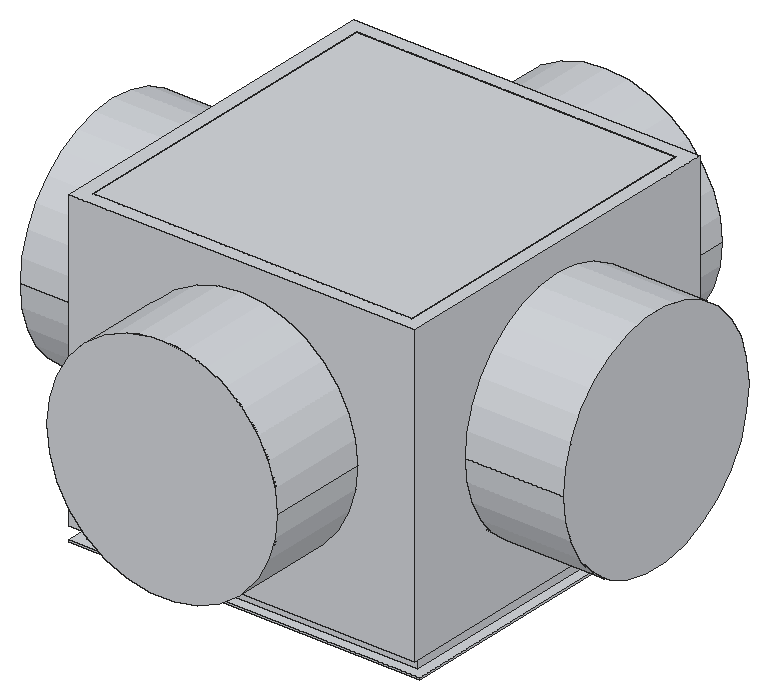
Revit family "DC_Holyoake_MEQ_EC-125 With Plenum_12", category Air Terminals, host Ceiling, Revit 2013
Parameters (values of type "EC-125 350 X 350 / OBD")
  West Spigot = yes
  Type Comments = " Egg Crate Return Air Grille with Plenum "  # constant formula
  Static Pressure Min = "3 Pa"
  Static Pressure Max = "80 Pa"
  Spigot Rad = 175 mm
  Specified Pressure Drop [instance] = 0.0 Pa
  Specified Air Flow [instance] = 0.0 L/s
  South Spigot = yes
  North Spigot = yes
  Noise Level NC Min = "< 10 NC"
  Noise Level NC Max = "60 NC"
  Min Flow = 20.0 L/s
  Max Flow = 4000.0 L/s
  Material Face = Holyoake White
  Material Body = Holyoake White
  Holyoake Product Range = "Holyoake Return Air Grille "  # constant formula
  Nominated Air Flow = 0.0 L/s
  East Spigot = yes
  CHPR = CHPR : Spigot Size 350
  Actual Neck Size Width = Nom Neck Width - 17 mm  # 483 mm
  Actual Neck Size Height = Nom Neck Width - 17 mm  # 483 mm
  Face Size Width = Nom Neck Width + 31 mm  # 531 mm
  Face Size Height = Nom Neck Height + 31 mm  # 531 mm
  Nom Neck Width = 500 mm
  URL = "http://www.holyoake.com"
  Model = "EC-125/OBD"
  Manufacturer = "Holyoake"  # constant formula
  Nom Neck Height = 500 mm
  Description = "Eggcrate Return/ Exhuast Air Grilles shall be Holyoake Model EC125 of aluminium construction. The Eggcrate Core shall be 12.5mm x 12.5mm x 12.5mm and fitted in an extruded aluminium Flanged Frame. Eggcrate  Grilles shall be finished in powdercoat and fitted with accessories and dampers where indicated as manufactured by Holyoake."  # constant formula
  Actual Face Size Width = Face Size Width  # 531 mm
  Actual Face Size Height = Face Size Height  # 531 mm
Types (14, lengths in mm): name | West Spigot | Spigot Rad | South Spigot | East Spigot | CHPR | Actual Neck Size Width | Actual Neck Size Height | Face Size Width | Face Size Height | Nom Neck Width | Model | Nom Neck Height | Actual Face Size Width | Actual Face Size Height
  EC-125 450 X 450 | yes | 225 | yes | yes | CHPR : Spigot Size 450 | 533 | 533 | 581 | 581 | 550 | "EC-125" | 550 | 581 | 581
  EC-125 400 X 400 | yes | 200 | yes | yes | CHPR : Spigot Size 400 | 483 | 483 | 531 | 531 | 500 | "EC-125" | 500 | 531 | 531
  EC-125 350 X 350 | yes | 175 | yes | yes | CHPR : Spigot Size 350 | 483 | 483 | 531 | 531 | 500 | "EC-125" | 500 | 531 | 531
  EC-125 300 X 300 | yes | 150 | yes | yes | CHPR : Spigot Size 300 | 533 | 533 | 581 | 581 | 550 | "EC-125" | 550 | 581 | 581
  EC-125 300 X 300 / OBD | yes | 150 | yes | yes | CHPR : Spigot Size 300 | 533 | 533 | 581 | 581 | 550 | "EC-125/OBD" | 550 | 581 | 581
  EC-125 350 X 350 / OBD | yes | 175 | yes | yes | CHPR : Spigot Size 350 | 483 | 483 | 531 | 531 | 500 | "EC-125/OBD" | 500 | 531 | 531
  EC-125 400 X 400 / OBD | yes | 200 | yes | yes | CHPR : Spigot Size 400 | 483 | 483 | 531 | 531 | 500 | "EC-125/OBD" | 500 | 531 | 531
  EC-125 450 X 450 / OBD | no | 225 | no | no | CHPR : Spigot Size 450 | 533 | 533 | 581 | 581 | 550 | "EC-125/OBD" | 550 | 581 | 581
  EC-125 150 x 150 | yes | 150 | yes | yes | CHPR : Spigot Size 150 | 533 | 533 | 581 | 581 | 550 | "EC-125" | 550 | 581 | 581
  EC-125 200 X 200 | yes | 100 | yes | yes | CHPR : Spigot Size 200 | 533 | 533 | 581 | 581 | 550 | "EC-125" | 550 | 581 | 581
  EC-125 250 X 250 | yes | 150 | yes | yes | CHPR : Spigot Size 250 | 533 | 533 | 581 | 581 | 550 | "EC-125" | 550 | 581 | 581
  EC-125 150 X 150 / OBD | yes | 150 | yes | yes | CHPR : Spigot Size 150 | 133 | 133 | 181 | 181 | 150 | "EC-125/OBD" | 150 | 181 | 181
  EC-125 200 X 200 / OBD | yes | 150 | yes | yes | CHPR : Spigot Size 200 | 533 | 533 | 581 | 581 | 550 | "EC-125 / OBD" | 550 | 581 | 581
  EC-125 250 X 250 / OBD | yes | 150 | yes | yes | CHPR : Spigot Size 250 | 533 | 533 | 581 | 581 | 550 | "EC-125/OBD" | 550 | 581 | 581
Reference planes
  plane 1 "Center (Front/Back)": y = 0
  plane 2: z = 0
  plane 3 "Center (Left/Right)": x = 0
  plane 4 "Ceiling": z = 4000
  plane 5: x = -250
  plane 6: x = 250
  plane 7: y = -250
  plane 8: y = 250
  plane 9: x = -265.5
  plane 10: x = 265.5
  plane 11: y = 265.5
  plane 12: y = -265.5
  plane 13: y = -241.5
  plane 14: y = 241.5
  plane 15: x = -241.5
  plane 16: x = 241.5
  plane 17: z = 3997
  plane 18: z = 4022
  plane 19: z = 4009.5
Forms (mm)
  Extrusion 1, solid
    sketch origin (0, 0, 0) x (1, 0, 0) y (0, 1, 0)
      loop
        line (-265.5, 265.5) -> (-265.5, -265.5) -> (265.5, -265.5) -> (265.5, 265.5) -> (-265.5, 265.5)
      loop
        line (-241.5, 241.5) -> (-241.5, -241.5) -> (241.5, -241.5) -> (241.5, 241.5) -> (-241.5, 241.5)
    from 3997 to 4000
  Extrusion 2, solid
    sketch origin (0, 0, 4000) x (0, 1, 0) y (-1, 0, 0)
      loop
        line (250, 250) -> (-250, 250) -> (-250, -250) -> (250, -250) -> (250, 250)
      loop
        line (241.5, 241.5) -> (-241.5, 241.5) -> (-241.5, -241.5) -> (241.5, -241.5) -> (241.5, 241.5)
    from 0 to 22
  Extrusion 3, solid, material "Holy Oak - Aluminium core"
    sketch origin (0, 0, 4000) x (0, 1, 0) y (-1, 0, 0)
      loop
        line (241.5, 241.5) -> (-241.5, 241.5) -> (-241.5, -241.5) -> (241.5, -241.5) -> (241.5, 241.5)
    from -3 to 9.5
Lines and regions (mm)
  Opening 1
    outline origin (0, 0, 4000) x (1, 0, 0) y (0, 1, 0)
      loop
        line (-250, 250) -> (-250, -250) -> (250, -250) -> (250, 250) -> (-250, 250)
Dimensions and locks
  equal spacing: host sketch curve, plane 3 "Center (Left/Right)", host sketch curve
  equal spacing: host sketch curve, plane 1 "Center (Front/Back)", host sketch curve
  host sketch curve to host sketch curve = 4000 mm  (x2)
  locked: plane 4 "Ceiling" to host ceiling at 0
  equal spacing: plane 5, plane 3 "Center (Left/Right)", plane 6
  "Nom Neck Height": plane 5 to plane 6
  equal spacing: plane 8, plane 1 "Center (Front/Back)", plane 7
  "Nom Neck Width": plane 8 to plane 7
  equal spacing: plane 12, plane 1 "Center (Front/Back)", plane 11
  "Face Size Width": plane 12 to plane 11
  equal spacing: plane 9, plane 3 "Center (Left/Right)", plane 10
  "Face Size Height": plane 9 to plane 10
  equal spacing: plane 13, plane 1 "Center (Front/Back)", plane 14
  "Actual Neck Size Width": plane 13 to plane 14
  equal spacing: plane 15, plane 3 "Center (Left/Right)", plane 16
  "Actual Neck Size Height": plane 15 to plane 16
  locked: plane 4 "Ceiling" to plane 18 at 22
  locked: plane 17 to plane 4 "Ceiling" at 3
  locked: plane 17 to plane 19 at 12.5
  plane 2 to plane 4 "Ceiling" = 4000 mm
  equal spacing: nested 1, plane 3 "Center (Left/Right)", nested 1
  nested 1 to plane 1 "Center (Front/Back)" to nested 1 = 270 mm, 270 mm
  aligned and locked: plane 5 to Opening 1 sketch curve
  aligned and locked: Opening 1 sketch curve to plane 8
  aligned and locked: plane 7 to Opening 1 sketch curve
  aligned and locked: Opening 1 sketch curve to plane 6
  aligned and locked: plane 9 to Extrusion 1 sketch curve
  aligned and locked: plane 11 to Extrusion 1 sketch curve
  aligned and locked: plane 12 to Extrusion 1 sketch curve
  aligned and locked: plane 10 to Extrusion 1 sketch curve
  aligned and locked: plane 15 to Extrusion 1 sketch curve
  aligned and locked: plane 14 to Extrusion 1 sketch curve
  aligned and locked: plane 13 to Extrusion 1 sketch curve
  aligned and locked: Extrusion 1 sketch curve to plane 16
  aligned and locked: Extrusion 1 to plane 17
  aligned and locked: Extrusion 1 to plane 4 "Ceiling"
  aligned and locked: plane 5 to Extrusion 2 sketch curve
  aligned and locked: plane 8 to Extrusion 2 sketch curve
  aligned and locked: plane 7 to Extrusion 2 sketch curve
  aligned and locked: plane 6 to Extrusion 2 sketch curve
  aligned and locked: plane 15 to Extrusion 2 sketch curve
  aligned and locked: Extrusion 2 sketch curve to plane 14
  aligned and locked: plane 13 to Extrusion 2 sketch curve
  aligned and locked: plane 16 to Extrusion 2 sketch curve
  aligned and locked: plane 4 "Ceiling" to Extrusion 2
  aligned and locked: plane 18 to Extrusion 2
  aligned and locked: Extrusion 3 sketch curve to Extrusion 1  (x3)
  aligned and locked: Extrusion 1 to Extrusion 3 sketch curve
  aligned and locked: Extrusion 3 to plane 17
  aligned and locked: plane 19 to Extrusion 3
  aligned and locked: nested 1 to Extrusion 2
Nested families
  nested 1: "CHPR" at (0, 0, 4022), West Spigot <- "West Spigot", South Spigot <- "South Spigot", North Spigot <- "North Spigot", East Spigot <- "East Spigot", type "Spigot Size 350"
    with West Spigot yes, South Spigot yes, North Spigot yes, East Spigot yes
Connectors
  hvac at (0, 420, 4257), driven by "Spigot Rad", driven by "Specified Air Flow", driven by "Specified Pressure Drop"
    settings: on nested 1, index 1, duct flow 0.0 L/s, flow factor 0, pres drop 0.0 Pa, loss coef 0, conn angle 0.00°, conn width 300 mm, conn height 300 mm, conn radius 175 mm, duct sys type 2, conn prof type 0, flow config 1, flow direction 1, loss method 4, conn ref index -1, conn util no, is conn primary yes, conn desc ""
  hvac at (411.5, 0, 4257), driven by "Spigot Rad", driven by "Specified Air Flow", driven by "Specified Pressure Drop"
    settings: on nested 1, index 2, duct flow 0.0 L/s, flow factor 0, pres drop 0.0 Pa, loss coef 0, conn angle 0.00°, conn width 300 mm, conn height 300 mm, conn radius 175 mm, duct sys type 2, conn prof type 0, flow config 1, flow direction 1, loss method 4, conn ref index -1, conn util no, is conn primary no, conn desc ""
  hvac at (0, -420, 4257), driven by "Spigot Rad", driven by "Specified Air Flow", driven by "Specified Pressure Drop"
    settings: on nested 1, index 3, duct flow 0.0 L/s, flow factor 0, pres drop 0.0 Pa, loss coef 0, conn angle 0.00°, conn width 300 mm, conn height 300 mm, conn radius 175 mm, duct sys type 2, conn prof type 0, flow config 1, flow direction 1, loss method 4, conn ref index -1, conn util no, is conn primary no, conn desc ""
  hvac at (-411.5, 0, 4257), driven by "Spigot Rad", driven by "Specified Air Flow", driven by "Specified Pressure Drop"
    settings: on nested 1, index 4, duct flow 0.0 L/s, flow factor 0, pres drop 0.0 Pa, loss coef 0, conn angle 0.00°, conn width 300 mm, conn height 300 mm, conn radius 175 mm, duct sys type 2, conn prof type 0, flow config 1, flow direction 1, loss method 4, conn ref index -1, conn util no, is conn primary no, conn desc ""
Definition of nested family "CHPR"
  Parameters (values of type "Spigot Size 200")
    West Spigot [instance] = yes
    URL = "http://www.holyoake.com/"
    Type Comments = "Premi-Aire Pre-Insulated Plenum"  # constant formula
    Spigot Rad = 100 mm
    Spigot Length = 170 mm
    South Spigot [instance] = yes
    North Spigot [instance] = yes
    Nom Neck Width = 1200 mm
    Nom Neck Height = 600 mm
    MIN Nominal Neck Size Width = MIN Nominal Neck Size Height  # 300 mm
    MIN Nominal Neck Size Height = (Spigot Rad * 2) + 100 mm  # 300 mm
    Model = "CHPR"
    Manufacturer = "Holyoake"
    Spigot Offset = Spigot Rad + 40 mm  # 140 mm
    Holyoake Product Range = " Holyoake Premi-Aire Plenum "  # constant formula
    Height = 300 mm
    Flow = 200.0 L/s
    East Spigot [instance] = yes
    Description = "Premi-Aire Pre-Insulated Plenum ADD DESCRIPTION    "  # constant formula
    Actual Neck Width = if(Nom Neck Width < MIN Nominal Neck Size Width, MIN Nominal Neck Size Width, Nom Neck Width)  # 1200 mm
    Actual Neck Height = if(Nom Neck Height < MIN Nominal Neck Size Height, MIN Nominal Neck Size Height, Nom Neck Height)  # 600 mm
  Types (8, lengths in mm): name | Spigot Rad | Nom Neck Width | Nom Neck Height | MIN Nominal Neck Size Width | MIN Nominal Neck Size Height | Spigot Offset | Height | Flow | Actual Neck Width | Actual Neck Height
    (no name) | 100 | 1200 | 600 | 300 | 300 | 140 | 300 | 200.0 L/s | 1200 | 600
    Spigot Size 150 | 75 | 0 | 0 | 250 | 250 | 115 | 250 | 0.0 L/s | 250 | 250
    Spigot Size 200 | 100 | 1200 | 600 | 300 | 300 | 140 | 300 | 200.0 L/s | 1200 | 600
    Spigot Size 250 | 125 | 0 | 0 | 350 | 350 | 165 | 350 | 0.0 L/s | 350 | 350
    Spigot Size 300 | 150 | 0 | 0 | 400 | 400 | 190 | 400 | 0.0 L/s | 400 | 400
    Spigot Size 350 | 175 | 0 | 0 | 450 | 450 | 215 | 450 | 0.0 L/s | 450 | 450
    Spigot Size 400 | 200 | 0 | 0 | 500 | 500 | 240 | 500 | 0.0 L/s | 500 | 500
    Spigot Size 450 | 225 | 0 | 0 | 550 | 550 | 265 | 550 | 0.0 L/s | 550 | 550
  Reference planes
    plane 1 "Center (Front/Back)": y = 0
    plane 2: z = 0
    plane 3 "Center (Left/Right)": x = 0
    plane 4: y = 300
    plane 5: y = -300
    plane 6: x = 600
    plane 7: x = -600
    plane 8: z = 160
    plane 9: z = 300
  Forms (mm)
    Extrusion 1, solid
      sketch origin (0, 0, 0) x (1, 0, 0) y (0, 1, 0)
        loop
          line (-600, 300) -> (-600, -300) -> (600, -300) -> (600, 300) -> (-600, 300)
        loop
          line (-620, 320) -> (-620, -320) -> (620, -320) -> (620, 320) -> (-620, 320)
      from 0 to 300
    Extrusion 2, solid
      sketch origin (0, 0, 0) x (1, 0, 0) y (0, 0, 1)
        loop
          line (-600, 300) -> (-600, 280) -> (600, 280) -> (600, 300) -> (-600, 300)
      from -300 to 300
    Extrusion 3, solid, visible <- "West Spigot"
      sketch origin (0, 0, 0) x (0, 1, 0) y (0, 0, 1)
        loop
          circle (0, 160) r 100
      from -770 to -600
    Extrusion 4, solid, visible <- "South Spigot"
      sketch origin (0, 0, 0) x (1, 0, 0) y (0, 0, 1)
        loop
          circle (0, 160) r 100
      from 300 to 470
    Extrusion 5, solid, visible <- "North Spigot"
      sketch origin (0, 0, 0) x (1, 0, 0) y (0, 0, 1)
        loop
          circle (0, 160) r 100
      from -470 to -300
    Extrusion 6, solid, visible <- "East Spigot"
      sketch origin (0, 0, 0) x (0, 1, 0) y (0, 0, 1)
        loop
          circle (0, 160) r 100
      from 600 to 770
  Lines and regions (mm)
    reference lines
      curve 1: line (-931.79, 470, 0) -> (866.366, 470, 0)
      curve 2: line (770, 375.853, 0) -> (770, -470, 0)
      curve 3: line (-931.79, -470, 0) -> (706.366, -470, 0)
      curve 4: line (-770, 785.486, 0) -> (-770, -640.367, 0)
  Text (mm)
    text "FRONT" at (-1290.246, -1121.837, 0), in view "Ref. Level"
    text "BACK" at (-1290.246, 1534.829, 0), in view "Ref. Level"
  Dimensions and locks
    equal spacing: plane 7, plane 3 "Center (Left/Right)", plane 6
    equal spacing: plane 4, plane 1 "Center (Front/Back)", plane 5
    "Height": plane 9 to level
    Extrusion 1 to Extrusion 2 sketch curve = 20 mm
    "Spigot Offset": plane 9 to plane 8
    "Spigot Length": curve 4 to plane 7
    "Spigot Length": plane 6 to curve 2
    "Spigot Length": curve 1 to plane 4
    "Spigot Length": plane 5 to curve 3
    "Actual Neck Width": plane 7 to plane 6
    "Actual Neck Height": plane 4 to plane 5
    "Spigot Rad": radius of Extrusion 3 sketch curve
    "Spigot Rad": radius of Extrusion 4 sketch curve
    "Spigot Rad": radius of Extrusion 5 sketch curve
    "Spigot Rad": radius of Extrusion 6 sketch curve
    aligned and locked: plane 7 to Extrusion 1 sketch curve
    aligned and locked: Extrusion 1 sketch curve to plane 4
    aligned and locked: plane 5 to Extrusion 1 sketch curve
    aligned and locked: Extrusion 1 sketch curve to plane 6
    aligned and locked: Extrusion 1 to plane 9
    aligned and locked: plane 9 to Extrusion 2 sketch curve
    aligned: Extrusion 2 to Extrusion 1  (x2)
    aligned and locked: plane 6 to Extrusion 2 sketch curve
    aligned and locked: Extrusion 2 sketch curve to plane 7
    aligned and locked: plane 4 to Extrusion 2
    aligned and locked: Extrusion 2 to plane 5
    aligned and locked: plane 8 to Extrusion 3 sketch curve
    aligned and locked: plane 1 "Center (Front/Back)" to Extrusion 3 sketch curve
    aligned and locked: plane 7 to Extrusion 3
    aligned and locked: Extrusion 4 to curve 2
    aligned and locked: plane 5 to Extrusion 4
    aligned and locked: Extrusion 5 to curve 1
    aligned and locked: Extrusion 5 to plane 4
    aligned and locked: Extrusion 6 to plane 6
    aligned and locked: curve 4 to Extrusion 3
    aligned and locked: Extrusion 6 to curve 2
  Automatic sketch dimensions
    Extrusion 1 sketch curve to plane 7 = 20 mm
    plane 6 to Extrusion 1 sketch curve = 20 mm
    Extrusion 1 sketch curve to plane 5 = 20 mm
    plane 4 to Extrusion 1 sketch curve = 20 mm
    curve 3 to plane 7 = 331.79 mm
    curve 1 to plane 7 = 331.79 mm
    curve 3 to curve 2 = 63.634 mm
    curve 2 to curve 1 = 96.366 mm
    curve 4 to curve 3 = 170.367 mm
    curve 3 to curve 2 = 0 mm
    curve 2 to curve 1 = 94.147 mm
    curve 1 to curve 4 = 315.486 mm
    Extrusion 4 sketch curve to plane 3 "Center (Left/Right)" = 0 mm
    Extrusion 4 sketch curve to plane 8 = 0 mm
    Extrusion 5 sketch curve to plane 3 "Center (Left/Right)" = 0 mm
    Extrusion 5 sketch curve to plane 8 = 0 mm
    Extrusion 6 sketch curve to plane 1 "Center (Front/Back)" = 0 mm
    Extrusion 6 sketch curve to plane 8 = 0 mm
  Connectors
    hvac at (-770, 0, 160), driven by "Spigot Rad"
      settings: on Extrusion 3, index 1, duct flow 0.0 L/s, flow factor 0, pres drop 0.0 Pa, loss coef 0, conn angle 0.00°, conn width 300 mm, conn height 300 mm, conn radius 100 mm, duct sys type 3, conn prof type 0, flow config 0, flow direction 2, loss method 0, conn ref index -1, conn util no, is conn primary no, conn desc ""
    hvac at (0, 470, 160), driven by "Spigot Rad", driven by "Flow"
      settings: on Extrusion 5, index 2, duct flow 200.0 L/s, flow factor 0, pres drop 0.0 Pa, loss coef 0, conn angle 0.00°, conn width 300 mm, conn height 300 mm, conn radius 100 mm, duct sys type 1, conn prof type 0, flow config 0, flow direction 0, loss method 0, conn ref index -1, conn util no, is conn primary yes, conn desc ""
    hvac at (770, 0, 160), driven by "Spigot Rad"
      settings: on Extrusion 6, index 3, duct flow 0.0 L/s, flow factor 0, pres drop 0.0 Pa, loss coef 0, conn angle 0.00°, conn width 300 mm, conn height 300 mm, conn radius 100 mm, duct sys type 1, conn prof type 0, flow config 0, flow direction 0, loss method 0, conn ref index -1, conn util no, is conn primary no, conn desc ""
    hvac at (0, -470, 160), driven by "Spigot Rad"
      settings: on Extrusion 4, index 4, duct flow 0.0 L/s, flow factor 0, pres drop 0.0 Pa, loss coef 0, conn angle 0.00°, conn width 300 mm, conn height 300 mm, conn radius 100 mm, duct sys type 1, conn prof type 0, flow config 0, flow direction 0, loss method 0, conn ref index -1, conn util no, is conn primary no, conn desc ""
